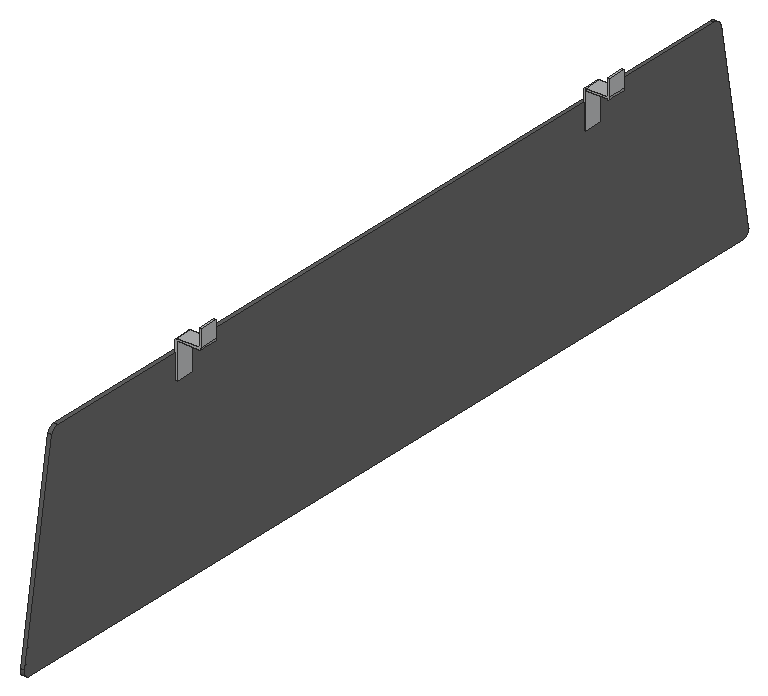
Revit family "revitupgrade", category Furniture, Revit 2025
Family settings
  OmniClass Number = 23.40.70.14.64.11
  OmniClass Title = Office Furniture
  Work Plane-Based = No
  Enable Cutting in Views = No
  Always vertical = Yes
  Cut with Voids When Loaded = No
  Render Appearance Source = Family Geometry
  Shared = Yes
  Room Calculation Point = No
Parameters (values of type "For A Leg")
  Stance Leg = no
  Modesty Panel [instance] = Steelcase AP - BZ03 Dark Grey
  Depth [instance] = 1600.00 mm
  URL = "https://www.steelcase.com/asia-en"
  Style Number(s) = "FBOSMPDP,FBOSMPDA,FBOSMPDM"
  Release Date = "Febraury 2023"  # constant formula
  Manufacturer = "Steelcase"  # constant formula
  Description = "LexCo Collection is a comprehensive desking platform designed for customisation to enable greater tailored expression and bringing new personality to the workspace."  # constant formula
  Default Elevation = 0.00 mm
  Copyright = "© 2010 Steelcase Inc."  # constant formula
  Bracket [instance] = Steelcase - 4799 Platinum Metallic
  Assembly Code = "E2020200"
  A Leg = yes
Types (2, lengths in mm): name | Stance Leg | A Leg
  For Stance Leg | yes | no
  For A Leg | no | yes
Reference planes
  plane 1 "Bottom": z = 0
  plane 2 "Left": x = 0
  plane 3: z = 720
  plane 4: z = 695
  plane 5 "Back": y = -25
  plane 6: y = 775
  plane 7: y = -825
  plane 8: y = 535.006
  plane 9: y = 507.006
  plane 10: y = -585.006
  plane 11: y = -557.006
  plane 12: y = 327.499
  plane 13: y = 352.499
  plane 14: y = -377.499
  plane 15: y = -402.499
Forms (mm)
  Extrusion 1, solid, material "Steelcase - 4799 Platinum Metallic" <- "Bracket", visible <- "Stance Leg"
    sketch origin (0, 0, 0) x (1, 0, 0) y (0, 0, 1)
      loop
        line (56.007, 657.963) -> (56.007, 659.963) -> (38.819, 659.963)
        arc (38.819, 659.963) -> (36.831, 659.14) -> (36.007, 657.151) r 2.812
        line (36.007, 657.151) -> (36.007, 605.963) -> (38.105, 605.963) -> (38.105, 657.963) -> (56.007, 657.963)
    from 557.006 to 585.006
  Extrusion 2, solid, material "Steelcase - 4799 Platinum Metallic" <- "Bracket", visible <- "Stance Leg"
    sketch origin (0, 0, 0) x (0, 1, 0) y (0, 0, 1)
      loop
        line (-557.006, 605.963) -> (-585.006, 605.963) -> (-585.006, 603.953)
        arc (-585.006, 603.953) -> (-582.374, 597.596) -> (-576.017, 594.963) r 8.99
        line (-576.017, 594.963) -> (-565.782, 594.963)
        arc (-565.782, 594.963) -> (-559.577, 597.534) -> (-557.006, 603.739) r 8.775
        line (-557.006, 603.739) -> (-557.006, 605.963)
    from 36.007 to 38.105
  Extrusion 3, solid, material "Steelcase - 4799 Platinum Metallic" <- "Bracket", visible <- "Stance Leg"
    sketch origin (0, -50, 0) x (1, 0, 0) y (0, 0, -1)
      loop
        line (56.007, -657.963) -> (38.105, -657.963) -> (38.105, -605.963) -> (36.007, -605.963) -> (36.007, -657.151)
        arc (36.007, -657.151) -> (36.831, -659.14) -> (38.819, -659.963) r 2.812
        line (38.819, -659.963) -> (56.007, -659.963) -> (56.007, -657.963)
    from 557.006 to 585.006
  Extrusion 4, solid, material "Steelcase - 4799 Platinum Metallic" <- "Bracket", visible <- "Stance Leg"
    sketch origin (0, -50, 0) x (0, -1, 0) y (0, 0, -1)
      loop
        line (-557.006, -605.963) -> (-557.006, -603.739)
        arc (-557.006, -603.739) -> (-559.577, -597.534) -> (-565.782, -594.963) r 8.775
        line (-565.782, -594.963) -> (-576.017, -594.963)
        arc (-576.017, -594.963) -> (-582.374, -597.596) -> (-585.006, -603.953) r 8.99
        line (-585.006, -603.953) -> (-585.006, -605.963) -> (-557.006, -605.963)
    from 36.007 to 38.105
  Extrusion 5, solid, material "Steelcase AP - BZ03 Dark Grey" <- "Modesty Panel", visible <- "Stance Leg"
    sketch origin (0, 0, 0) x (0, 1, 0) y (0, 0, 1)
      loop
        line (507.006, 644.963) -> (507.006, 619.128) -> (535.006, 619.128) -> (535.006, 644.963) -> (507.006, 644.963)
      loop
        line (-557.006, 644.963) -> (-585.006, 644.963) -> (-585.006, 619.128) -> (-557.006, 619.128) -> (-557.006, 644.963)
    from 38.105 to 44.105
  Extrusion 6, solid, material "Steelcase AP - BZ03 Dark Grey" <- "Modesty Panel", visible <- "Stance Leg"
    sketch origin (0, 0, 0) x (0, 1, 0) y (0, 0, 1)
      loop
        line (578.549, 619.128) -> (-628.549, 619.128)
        arc (-628.549, 619.128) -> (-642.295, 614.004) -> (-649.333, 601.131) r 21
        line (-649.333, 601.131) -> (-683.966, 361.393)
        arc (-683.966, 361.393) -> (-681.629, 353.417) -> (-674.069, 349.963) r 10
        line (-674.069, 349.963) -> (624.069, 349.963)
        arc (624.069, 349.963) -> (631.629, 353.417) -> (633.966, 361.393) r 10
        line (633.966, 361.393) -> (599.333, 601.131)
        arc (599.333, 601.131) -> (592.295, 614.004) -> (578.549, 619.128) r 21
    from 38.105 to 44.105
  Extrusion 7, solid, material "Steelcase AP - BZ03 Dark Grey" <- "Modesty Panel", visible <- "A Leg"
    sketch origin (0, 0, 0) x (0, 1, 0) y (0, 0, 1)
      loop
        line (562.584, 640.505) -> (-612.584, 640.505)
        arc (-612.584, 640.505) -> (-619.012, 638.166) -> (-622.432, 632.242) r 10
        line (-622.432, 632.242) -> (-671.804, 352.242)
        arc (-671.804, 352.242) -> (-669.616, 344.078) -> (-661.955, 340.505) r 10
        line (-661.955, 340.505) -> (611.955, 340.505)
        arc (611.955, 340.505) -> (619.616, 344.078) -> (621.804, 352.242) r 10
        line (621.804, 352.242) -> (572.432, 632.242)
        arc (572.432, 632.242) -> (569.012, 638.166) -> (562.584, 640.505) r 10
    from 39.591 to 33.591
  Extrusion 8, solid, material "Steelcase - 4799 Platinum Metallic" <- "Bracket", visible <- "A Leg"
    sketch origin (0, 0, 0) x (1, 0, 0) y (0, 0, 1)
      loop
        line (73.657, 659.963) -> (42.404, 659.963)
        arc (42.404, 659.963) -> (40.415, 659.14) -> (39.591, 657.151) r 2.812
        line (39.591, 657.151) -> (39.591, 605.963) -> (42.591, 605.963) -> (42.591, 656.961) -> (73.556, 656.961)
        arc (73.556, 656.961) -> (76.41, 658.143) -> (77.591, 660.996) r 4.035
        line (77.591, 660.996) -> (77.591, 684.961) -> (74.591, 684.961) -> (74.591, 660.898)
        arc (74.591, 660.898) -> (74.318, 660.237) -> (73.657, 659.963) r 0.935
    from -352.499 to -327.499
  Extrusion 9, solid, material "Steelcase - 4799 Platinum Metallic" <- "Bracket", visible <- "A Leg"
    sketch origin (0, -50, 0) x (1, 0, 0) y (0, 0, -1)
      loop
        arc (73.657, -659.963) -> (74.318, -660.237) -> (74.591, -660.898) r 0.935
        line (74.591, -660.898) -> (74.591, -684.961) -> (77.591, -684.961) -> (77.591, -660.996)
        arc (77.591, -660.996) -> (76.41, -658.143) -> (73.556, -656.961) r 4.035
        line (73.556, -656.961) -> (42.591, -656.961) -> (42.591, -605.963) -> (39.591, -605.963) -> (39.591, -657.151)
        arc (39.591, -657.151) -> (40.415, -659.14) -> (42.404, -659.963) r 2.812
        line (42.404, -659.963) -> (73.657, -659.963)
    from -352.499 to -327.499
Cuts and joins
  joined: Extrusion 1, Extrusion 2
  joined: Extrusion 3, Extrusion 4
  joined: Extrusion 5, Extrusion 6
Lines and regions (mm)
  Masking region 1
    outline origin (0, 0, 0) x (1, 0, 0) y (0, 1, 0)
      loop
        line (33.591, 621.955) -> (33.591, -671.955) -> (39.591, -671.955) -> (39.591, -402.499) -> (77.591, -402.499) -> (77.591, -377.499) -> (39.591, -377.499) -> (39.591, 327.499) -> (77.591, 327.499) -> (77.591, 352.499) -> (39.591, 352.499) -> (39.591, 621.955) -> (33.591, 621.955)
  Masking region 2, not visible
    outline origin (0, 0, 0) x (1, 0, 0) y (0, 1, 0)
      loop
        line (38.105, 621.955) -> (38.105, -671.955) -> (39.591, -671.955) -> (39.591, -402.499) -> (77.591, -402.499) -> (77.591, -377.499) -> (39.591, -377.499) -> (39.591, 327.499) -> (77.591, 327.499) -> (77.591, 352.499) -> (39.591, 352.499) -> (39.591, 621.955) -> (38.105, 621.955)
  Masking region 3, not visible
    outline origin (0, 0, 0) x (1, 0, 0) y (0, 1, 0)
      loop
        line (38.105, 634.037) -> (38.105, -684.038) -> (39.591, -684.038) -> (39.591, -585.006) -> (56.007, -585.006) -> (56.007, -557.006) -> (39.591, -557.006) -> (39.591, 507.006) -> (56.007, 507.006) -> (56.007, 535.006) -> (39.507, 535.006) -> (39.507, 634.037) -> (38.105, 634.037)
  Masking region 4, not visible
    outline origin (0, 0, 0) x (1, 0, 0) y (0, 1, 0)
      loop
        line (38.105, 634.037) -> (38.105, -684.038) -> (44.105, -684.038) -> (44.105, -585.006) -> (56.007, -585.006) -> (56.007, -557.006) -> (44.105, -557.006) -> (44.105, 507.006) -> (56.007, 507.006) -> (56.007, 535.006) -> (44.105, 535.006) -> (44.105, 634.037) -> (38.105, 634.037)
Dimensions and locks
  plane 3 to plane 1 "Bottom" = 720.00 mm
  plane 3 to plane 4 = 25.00 mm
  equal spacing: plane 7, plane 5 "Back", plane 6
  "Depth": plane 6 to plane 7
  plane 6 to plane 8 to plane 9 to plane 13 to plane 12 = 239.994 mm locked, 28.00 mm, 154.507 mm locked, 25.00 mm locked
  plane 14 to plane 15 to plane 11 to plane 10 to plane 7 = 25.00 mm locked, 154.507 mm locked, 28.00 mm locked, 239.994 mm locked
  aligned and locked: level to plane 1 "Bottom"
  aligned and locked: Extrusion 1 to plane 11
  aligned and locked: plane 10 to Extrusion 1
  aligned and locked: plane 8 to Extrusion 4 sketch curve
  aligned and locked: plane 9 to Extrusion 4 sketch curve
  aligned and locked: Extrusion 3 to plane 9
  aligned and locked: plane 8 to Extrusion 3
  aligned and locked: plane 8 to Extrusion 5 sketch curve
  aligned and locked: Extrusion 5 sketch curve to plane 9
  aligned and locked: Extrusion 5 sketch curve to plane 10
  aligned and locked: plane 11 to Extrusion 5 sketch curve
  aligned and locked: plane 13 to Extrusion 8
  aligned and locked: Extrusion 8 to plane 12
  aligned and locked: Extrusion 9 to plane 15
  aligned and locked: plane 14 to Extrusion 9
  aligned and locked: Masking region 1 sketch curve to plane 13
  aligned and locked: plane 12 to Masking region 1 sketch curve
  aligned and locked: plane 14 to Masking region 1 sketch curve
  aligned and locked: Masking region 1 sketch curve to plane 15
  aligned and locked: plane 12 to Masking region 2 sketch curve
  aligned and locked: Masking region 2 sketch curve to plane 13
  aligned and locked: plane 14 to Masking region 2 sketch curve
  aligned and locked: Masking region 2 sketch curve to plane 15
Automatic sketch dimensions
  plane 2 "Left" to Extrusion 1 sketch curve = 36.007 mm
  Extrusion 1 sketch curve to Extrusion 1 sketch curve = 2.098 mm
  Extrusion 1 sketch curve to Extrusion 1 sketch curve = 0.715 mm
  Extrusion 1 sketch curve to Extrusion 1 sketch curve = 17.188 mm
  Extrusion 1 sketch curve to plane 4 = 89.037 mm
  Extrusion 1 sketch curve to plane 4 = 37.849 mm
  Extrusion 1 sketch curve to Extrusion 1 sketch curve = 2.00 mm
  Extrusion 2 sketch curve to plane 10 = 0.00 mm
  Extrusion 2 sketch curve to plane 11 = 0.00 mm
  Extrusion 2 sketch curve to Extrusion 2 sketch curve = 8.99 mm
  Extrusion 2 sketch curve to Extrusion 2 sketch curve = 8.775 mm
  Extrusion 2 sketch curve to plane 4 = 100.037 mm
  Extrusion 2 sketch curve to Extrusion 2 sketch curve = 2.01 mm
  plane 2 "Left" to Extrusion 3 sketch curve = 36.007 mm
  Extrusion 3 sketch curve to Extrusion 3 sketch curve = 2.098 mm
  Extrusion 3 sketch curve to Extrusion 3 sketch curve = 0.715 mm
  Extrusion 3 sketch curve to Extrusion 3 sketch curve = 17.188 mm
  Extrusion 3 sketch curve to plane 4 = 35.037 mm
  Extrusion 3 sketch curve to Extrusion 3 sketch curve = 0.812 mm
  Extrusion 3 sketch curve to Extrusion 3 sketch curve = 51.188 mm
  Extrusion 4 sketch curve to Extrusion 4 sketch curve = 8.99 mm
  Extrusion 4 sketch curve to plane 9 = 8.775 mm
  plane 4 to Extrusion 4 sketch curve = 100.037 mm
  Extrusion 4 sketch curve to Extrusion 4 sketch curve = 2.01 mm
  Extrusion 5 sketch curve to plane 4 = 75.872 mm  (x2)
  Extrusion 5 sketch curve to Extrusion 5 sketch curve = 25.835 mm  (x2)
  plane 10 to Extrusion 6 sketch curve = 98.96 mm
  Extrusion 6 sketch curve to Extrusion 6 sketch curve = 9.897 mm  (x2)
  plane 10 to Extrusion 6 sketch curve = 64.326 mm
  Extrusion 6 sketch curve to Extrusion 6 sketch curve = 20.784 mm  (x2)
  plane 8 to Extrusion 6 sketch curve = 43.542 mm
  plane 8 to Extrusion 6 sketch curve = 89.062 mm
  Extrusion 6 sketch curve to plane 4 = 345.037 mm
  Extrusion 6 sketch curve to Extrusion 6 sketch curve = 10.00 mm  (x2)
  Extrusion 6 sketch curve to plane 4 = 96.872 mm
  Extrusion 6 sketch curve to Extrusion 6 sketch curve = 238.165 mm
  Extrusion 6 sketch curve to Extrusion 6 sketch curve = 3.003 mm
  plane 10 to Extrusion 7 sketch curve = 86.797 mm
  Extrusion 7 sketch curve to Extrusion 7 sketch curve = 9.848 mm  (x4)
  plane 10 to Extrusion 7 sketch curve = 37.426 mm
  plane 8 to Extrusion 7 sketch curve = 27.577 mm
  plane 8 to Extrusion 7 sketch curve = 76.949 mm
  level to Extrusion 7 sketch curve = 340.505 mm
  Extrusion 7 sketch curve to Extrusion 7 sketch curve = 10.00 mm  (x2)
  Extrusion 7 sketch curve to plane 4 = 64.495 mm
  Extrusion 7 sketch curve to Extrusion 7 sketch curve = 280.00 mm
  Extrusion 7 sketch curve to Extrusion 7 sketch curve = 1.736 mm
  plane 2 "Left" to Extrusion 8 sketch curve = 39.591 mm
  Extrusion 8 sketch curve to Extrusion 8 sketch curve = 2.812 mm
  Extrusion 8 sketch curve to Extrusion 8 sketch curve = 3.00 mm  (x2)
  Extrusion 8 sketch curve to Extrusion 8 sketch curve = 31.152 mm
  Extrusion 8 sketch curve to Extrusion 8 sketch curve = 0.101 mm
  Extrusion 8 sketch curve to Extrusion 8 sketch curve = 0.935 mm
  Extrusion 8 sketch curve to plane 4 = 89.037 mm
  Extrusion 8 sketch curve to plane 4 = 38.039 mm
  Extrusion 8 sketch curve to Extrusion 8 sketch curve = 0.19 mm
  Extrusion 8 sketch curve to plane 4 = 10.039 mm
  plane 2 "Left" to Extrusion 9 sketch curve = 39.591 mm
  Extrusion 9 sketch curve to Extrusion 9 sketch curve = 2.812 mm
  Extrusion 9 sketch curve to Extrusion 9 sketch curve = 3.00 mm  (x2)
  Extrusion 9 sketch curve to Extrusion 9 sketch curve = 31.152 mm
  Extrusion 9 sketch curve to Extrusion 9 sketch curve = 0.101 mm
  Extrusion 9 sketch curve to Extrusion 9 sketch curve = 0.935 mm
  Extrusion 9 sketch curve to plane 4 = 10.039 mm
  Extrusion 9 sketch curve to Extrusion 9 sketch curve = 23.965 mm
  Extrusion 9 sketch curve to Extrusion 9 sketch curve = 0.098 mm
  Extrusion 9 sketch curve to Extrusion 9 sketch curve = 50.997 mm
  Masking region 3 sketch curve to plane 8 = 0.00 mm
  Masking region 3 sketch curve to plane 9 = 0.00 mm
  plane 11 to Masking region 3 sketch curve = 0.00 mm
  plane 10 to Masking region 3 sketch curve = 0.00 mm
  plane 2 "Left" to Masking region 3 sketch curve = 38.105 mm
  plane 2 "Left" to Masking region 3 sketch curve = 39.507 mm
  Masking region 3 sketch curve to Masking region 3 sketch curve = 0.084 mm
  Masking region 3 sketch curve to Masking region 3 sketch curve = 1.486 mm
  Masking region 3 sketch curve to Masking region 3 sketch curve = 16.50 mm
  Masking region 3 sketch curve to Masking region 3 sketch curve = 16.416 mm
  plane 10 to Masking region 3 sketch curve = 99.032 mm
  plane 8 to Masking region 3 sketch curve = 99.03 mm
  plane 2 "Left" to Masking region 1 sketch curve = 33.591 mm
  Masking region 1 sketch curve to Masking region 1 sketch curve = 6.00 mm  (x2)
  Masking region 1 sketch curve to Masking region 1 sketch curve = 0.00 mm
  Masking region 1 sketch curve to Masking region 1 sketch curve = 38.00 mm  (x2)
  plane 10 to Masking region 1 sketch curve = 86.949 mm
  plane 8 to Masking region 1 sketch curve = 86.949 mm
  plane 2 "Left" to Masking region 2 sketch curve = 38.105 mm
  Masking region 2 sketch curve to Masking region 2 sketch curve = 1.486 mm  (x2)
  Masking region 2 sketch curve to Masking region 2 sketch curve = 0.00 mm
  Masking region 2 sketch curve to Masking region 2 sketch curve = 38.00 mm  (x2)
  plane 10 to Masking region 2 sketch curve = 86.949 mm
  plane 8 to Masking region 2 sketch curve = 86.949 mm
  Masking region 4 sketch curve to plane 8 = 0.00 mm
  plane 11 to Masking region 4 sketch curve = 0.00 mm
  Masking region 4 sketch curve to plane 9 = 0.00 mm
  plane 10 to Masking region 4 sketch curve = 0.00 mm
  plane 2 "Left" to Masking region 4 sketch curve = 38.105 mm
  Masking region 4 sketch curve to Masking region 4 sketch curve = 6.00 mm  (x2)
  Masking region 4 sketch curve to Masking region 4 sketch curve = 0.00 mm
  Masking region 4 sketch curve to Masking region 4 sketch curve = 11.902 mm  (x2)
  plane 10 to Masking region 4 sketch curve = 99.032 mm
  plane 8 to Masking region 4 sketch curve = 99.03 mm
